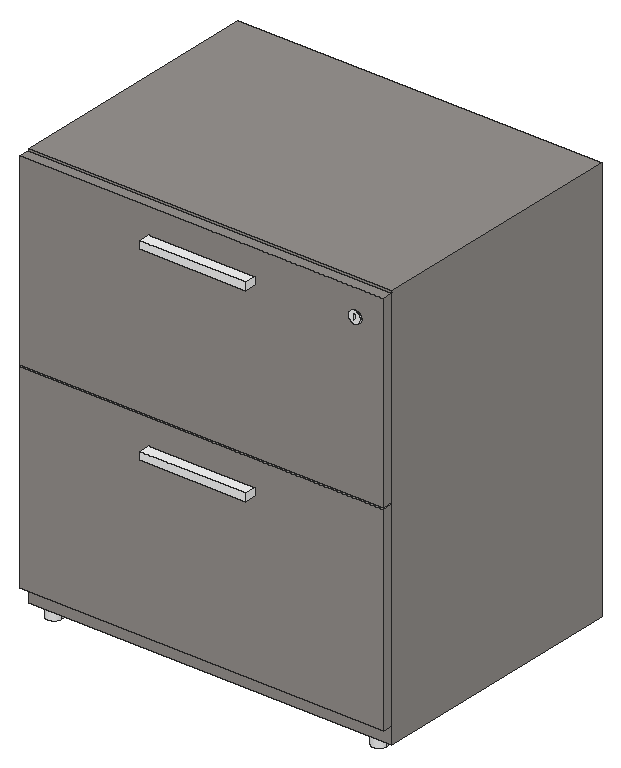
Revit family "Storage-Freestanding-Teknion-BSLF_Lateral_File-R2018", category Furniture, Revit 2018
Family settings
  OmniClass Number = 23.40.70.14.64.21
  OmniClass Title = Systems Furniture
  Work Plane-Based = No
  Always vertical = Yes
  Cut with Voids When Loaded = No
  Shared = Yes
  Room Calculation Point = No
Parameters (values of type "Two Drawers")
  Width [instance] = 24.000"
  Warranty = "http://www.teknion.com/legal/warranty.pdf"
  Unit Weight URL = "http://www.teknion.com/pricing/expansion-casegoods/pdfs/wv.pdf"
  URL = "http://www.teknion.com/"
  Two Drawers Hole Depth = if(or(Two Drawers, Three Drawers, Four Drawers), 2.701", 0.500")  # 2.701"
  Two Drawers = if(or(Three Drawers, Four Drawers), 1 > 2, 1 < 2)  # yes
  To render please download texture images found here [instance] = "https://assets.teknion.com/web/5e81352c1dfdb467/revit-material-swatches/"
  Three Drawers Hole Depth = if(or(Three Drawers, Four Drawers), 2.701", 0.500")  # 0.500"
  Three Drawers = no
  Sustainability Data = "http://www.teknion.com/about-teknion/environment/datasheets.asp"
  Second Drawer from Top = or(Three Drawers, Four Drawers)  # no
  Pull Finish [instance] = Mica - Teknion - V - Satin - Very White
  Product Page URL = "https://www.teknion.com/ca/products/product-details?productlineid=0053336e-8e7a-673b-a6c8-ff00004460c4"
  Product Line = "Expansion Casegoods"  # constant formula
  Product Documentation Link = "http://www.teknion.com/pricing/expansion-casegoods/pdfs/BSLFS_ppg.pdf"
  Part Number = "BSLFS"  # constant formula
  Model = "BSLFSP____28"
  Manufacturer Phone = "416-661-3370"
  Manufacturer Fax = "416.661.4586"
  Manufacturer Contact Information = "http://www.teknion.com/contact/contactus.asp"
  Manufacturer Address = "1150 Flint Road, Toronto, ON. M3J 2J5. Canada"
  Manufacturer = "Teknion"  # constant formula
  Lateral File Trim Finish [instance] = Source Laminate - Teknion - DE - Latte
  How to Add Texture Images to your Revit Project [instance] = "https://assets.teknion.com/m/205dd0a49fa58060/original/How-to-add-a-Material-Library-and-Texture-Images-to-your-Revit-project.pdf"
  Four Drawers = no
  Four Drawer Hole Depth = if(Four Drawers, 2.701", 0.500")  # 0.500"
  For Additional Finishes please visit [instance] = "https://assets.teknion.com/m/44a8009b046e5d47/original/Teknion_Materials_Library.zip"
  Drawer Front Finish [instance] = Source Laminate - Teknion - DE - Latte
  Description = "Lateral File, Pulls, Two Drawers, 28\" Height"
  Depth [instance] = 18.000"
  Case Finish [instance] = Source Laminate - Teknion - DE - Latte
  Available Widths [instance] = "24, 30, 36 inches."  # constant formula
  Available Depths [instance] = if(Two Drawers, "18, 24 inches.", "18 inches.")  # "18, 24 inches."
  Assembly Code = "E2020200"
  Actual Height [instance] = if(Two Drawers, 27.441", if(Three Drawers, 39.921", if(Four Drawers, 52.402", 27.441")))  # 27.441"
Types (3): name | Two Drawers | Three Drawers Hole Depth | Three Drawers | Second Drawer from Top | Model | Four Drawers | Four Drawer Hole Depth | Description | Available Depths | Actual Height
  Two Drawers | yes | 0.500" | no | no | "BSLFSP____28" | no | 0.500" | "Lateral File, Pulls, Two Drawers, 28\" Height" | "18, 24 inches." | 27.441"
  Three Drawers | no | 2.701" | yes | yes | "BSLFSP18__40" | no | 0.500" | "Lateral File, Pulls, Three Drawers, 18\" Depth, 40\" Height" | "18 inches." | 39.921"
  Four Drawers | no | 2.701" | no | yes | "BSLFSP18__53" | yes | 2.701" | "Lateral File, Pulls, Four Drawers, 18\" Depth, 53\" Height" | "18 inches." | 52.402"
Reference planes (in)
  plane 1 "Center F/B": y = 0
  plane 2 "Bottom": z = 0
  plane 3 "Center L/R": x = 0
  plane 4 "Left": x = -12
  plane 5 "Right": x = 12
  plane 6 "Back": y = 9
  plane 7 "Front": y = -9
  plane 8 "Top": z = 27.441
  plane 9: z = 0.60236
  plane 10 "Symbolic Representation Plane": z = 80
  plane 11: z = 14.90157
  plane 12: y = -8.299
  plane 13: y = -11
  plane 14: y = -9.05906
  plane 15: z = 27.38189
  plane 16: z = 39.87533
Forms (in)
  Sweep 1, solid, material "Source Laminate - Teknion - DE - Latte" <- "Case Finish"
    path origin (0, 0, 0) x (1, 0, 0) y (0, 0, 1)
      loop
        line (0, 27.441) -> (0, 0.60236)
    profile origin (0, 0, 14.02168) x (0, -1, 0) y (1, 0, 0)
      loop
        line (-9, -12) -> (8.299, -12) -> (8.299, 12) -> (-9, 12) -> (-9, -12)
  Sweep 2, solid, material "Source Laminate - Teknion - DE - Latte" <- "Drawer Front Finish"
    path origin (0, 0, 0) x (1, 0, 0) y (0, 1, 0)
      loop
        line (12, 0) -> (-12, 0)
    profile origin (0, 0, 0) x (0, -1, 0) y (0, 0, 1)
      loop
        line (9, 1.76378) -> (9, 27.32283) -> (8.299, 27.32283) -> (8.299, 1.76378) -> (9, 1.76378)
  Sweep 3, solid, material "Metal - Teknion - C6 - Chrome"
    path origin (0, 0, 0) x (1, 0, 0) y (0, 0, 1)
      loop
        line (0, 0) -> (0, 0.60236)
    profile origin (0, 0, 0.30118) x (-1, 0, 0) y (0, -1, 0)
      loop
        circle (-10.74, -7.74814) r 0.5
      loop
        circle (-10.74, 7.74808) r 0.5
      loop
        circle (10.74, -7.74814) r 0.5
      loop
        circle (10.74, 7.74808) r 0.5
  Sweep 4, solid, material "Mica - Teknion - V - Satin - Very White" <- "Pull Finish"
    path origin (0, 0, 0) x (1, 0, 0) y (0, 1, 0)
      loop
        line (0, -9) -> (0, -9.75)
    profile origin (0, -9.375, 0) x (1, 0, 0) y (0, 0, 1)
      loop
        line (-3.5, 13.156) -> (-3.5, 12.65551) -> (3.5, 12.65551) -> (3.5, 13.156) -> (-3.5, 13.156)
      loop
        line (-3.5, 25.634) -> (-3.5, 25.13583) -> (3.5, 25.13583) -> (3.5, 25.634) -> (-3.5, 25.634)
  Extrusion 5, void
    sketch origin (60, -9, 48) x (-1, 0, 0) y (0, 0, 1)
      loop
        line (72, -33.03937) -> (48, -33.03937) -> (48, -33.15748) -> (72, -33.15748) -> (72, -33.03937)
    from 0.701 to -2
  Extrusion 6, void
    sketch origin (60, -9, 60.48031) x (-1, 0, 0) y (0, 0, 1)
      loop
        line (72, -33.03937) -> (48, -33.03937) -> (48, -33.15748) -> (72, -33.15748) -> (72, -33.03937)
    from -1.5 to -2
  Sweep 7, solid, material "Mica - Teknion - V - Satin - Very White" <- "Pull Finish", visible <- "Second Drawer from Top"
    path origin (0, 0, 12.48) x (1, 0, 0) y (0, 1, 0)
      loop
        line (0, -9) -> (0, -9.75)
    profile origin (0, -9.375, 12.48) x (1, 0, 0) y (0, 0, 1)
      loop
        line (-3.5, 25.634) -> (-3.5, 25.13583) -> (3.5, 25.13583) -> (3.5, 25.634) -> (-3.5, 25.634)
  Extrusion 8, solid, material "Mica - Teknion - V - Satin - Very White" <- "Pull Finish"
    sketch origin (60, -9, 60.48) x (1, 0, 0) y (0, 0, 1)
      loop
        line (-49.89961, -34.70281) -> (-49.89961, -35.07683) -> (-49.80118, -35.07683) -> (-49.80118, -34.70281) -> (-49.89961, -34.70281)
      loop
        circle (-49.85039, -34.88982) r 0.39512
    from 0 to 0.05906
  Sweep 9, solid, material "Mica - Teknion - V - Satin - Very White" <- "Pull Finish", visible <- "Four Drawers"
    path origin (0, 0, 24.96) x (1, 0, 0) y (0, 1, 0)
      loop
        line (0, -9) -> (0, -9.75)
    profile origin (0, -9.375, 24.96) x (1, 0, 0) y (0, 0, 1)
      loop
        line (-3.5, 1.39199) -> (-3.5, 0.89382) -> (3.5, 0.89382) -> (3.5, 1.39199) -> (-3.5, 1.39199)
  Extrusion 10, void
    sketch origin (60, -9, 72.96063) x (-1, 0, 0) y (0, 0, 1)
      loop
        line (72, -33.02625) -> (48, -33.02625) -> (48, -33.14436) -> (72, -33.14436) -> (72, -33.02625)
    from -1.5 to -2
Cuts and joins
  Extrusion 6, Extrusion 10 cuts Sweep 1
  Extrusion 5, Extrusion 6, Extrusion 10 cuts Sweep 2
Lines and regions (in)
  Masking region 1
    outline origin (0, 0, 27.441) x (-1, 0, 0) y (0, -1, 0)
      loop
        line (12, -9) -> (12, 9) -> (-12, 9) -> (-12, -9) -> (12, -9)
  Masking region 2
    outline origin (0, 0, 27.441) x (-1, 0, 0) y (0, -1, 0)
      loop
        line (3.5, 9.75) -> (-3.5, 9.75) -> (-3.5, 9) -> (3.5, 9) -> (3.5, 9.75)
  Masking region 3
    outline origin (0, 0, 0) x (1, 0, 0) y (0, 1, 0)
      loop
        line (10.54473, -9) -> (9.75448, -9) -> (9.75448, -9.05906) -> (10.54473, -9.05906) -> (10.54473, -9)
  symbolic lines
    curve 1: line (12, -8.299, 27.441) -> (-12, -8.299, 27.441)
  symbolic lines, style "Hidden Lines", detail levels fine
    curve 2: arc (-10.24, -7.74808, 0) -> (-10.74, -7.24808, 0) -> (-11.24, -7.74808, 0) r 0.5
    curve 3: arc (-11.24, -7.74808, 0) -> (-10.74, -8.24808, 0) -> (-10.24, -7.74808, 0) r 0.5
    curve 4: arc (-10.24, 7.74814, 0) -> (-10.74, 8.24814, 0) -> (-11.24, 7.74814, 0) r 0.5
    curve 5: arc (-11.24, 7.74814, 0) -> (-10.74, 7.24814, 0) -> (-10.24, 7.74814, 0) r 0.5
    curve 6: arc (11.24, 7.74814, 0) -> (10.74, 8.24814, 0) -> (10.24, 7.74814, 0) r 0.5
    curve 7: arc (10.24, 7.74814, 0) -> (10.74, 7.24814, 0) -> (11.24, 7.74814, 0) r 0.5
    curve 8: arc (11.24, -7.74808, 0) -> (10.74, -7.24808, 0) -> (10.24, -7.74808, 0) r 0.5
    curve 9: arc (10.24, -7.74808, 0) -> (10.74, -8.24808, 0) -> (11.24, -7.74808, 0) r 0.5
  reference lines, not visible
    curve 10: line (-12, 9, 0) -> (12, 9, 0)
    curve 11: line (-12, 9, 0) -> (-12, -9, 0)
    curve 12: line (12, -9, 0) -> (-12, -9, 0)
    curve 13: line (12, 9, 0) -> (12, -9, 0)
Dimensions and locks (in)
  "Actual Height": plane 8 "Top" to level
  equal spacing: plane 4 "Left", plane 3 "Center L/R", plane 5 "Right"
  "Width": plane 4 "Left" to plane 5 "Right"
  equal spacing: plane 6 "Back", plane 1 "Center F/B", plane 7 "Front"
  "Depth": plane 6 "Back" to plane 7 "Front"
  locked: plane 9 to level at 0.60236
  locked: Sweep 1 sketch curve to plane 7 "Front" at 0.701
  locked: Sweep 2 sketch curve to level at 1.76378
  locked: Sweep 2 sketch curve to plane 8 "Top" at 0.11817
  locked: plane 6 "Back" to Sweep 3 sketch curve at 1.25186  (x2)
  locked: Sweep 3 sketch curve to plane 5 "Right" at 1.26  (x2)
  locked: plane 4 "Left" to Sweep 3 sketch curve at 1.26  (x2)
  locked: plane 7 "Front" to Sweep 3 sketch curve at 1.25192  (x2)
  Sweep 4 sketch curve to plane 7 "Front" = 0.750"
  locked: Sweep 4 sketch curve to Sweep 4 sketch curve at 7
  equal spacing: Sweep 4 sketch curve, plane 3 "Center L/R", Sweep 4 sketch curve
  locked: Sweep 4 sketch curve to level at 12.65551
  locked: Sweep 4 sketch curve to level at 13.156
  locked: Sweep 4 sketch curve to level at 25.13583
  locked: Sweep 4 sketch curve to level at 25.634
  locked: plane 10 "Symbolic Representation Plane" to level at 80
  plane 11 to plane 2 "Bottom" = 14.90157"
  Extrusion 5 sketch curve to plane 11 to Extrusion 5 sketch curve = 0.05906" locked, 0.05906" locked
  locked: plane 12 to plane 7 "Front" at 0.701
  "Two Drawers Hole Depth": Extrusion 5 to plane 13
  locked: plane 7 "Front" to plane 13 at 2
  locked: plane 14 to plane 7 "Front" at 0.05906
  Extrusion 6 sketch curve to plane 15 to Extrusion 6 sketch curve = 0.05906" locked, 0.05906" locked
  locked: plane 15 to level at 27.38189
  "Three Drawers Hole Depth": Extrusion 6 to plane 13
  Sweep 7 sketch curve to Sweep 7 sketch curve to plane 2 "Bottom" = 0.49817" locked, 37.61583" locked
  Sweep 7 sketch curve to plane 3 "Center L/R" to Sweep 7 sketch curve = 3.500" locked, 3.500" locked
  plane 5 "Right" to Extrusion 8 sketch curve to Extrusion 8 sketch curve to Extrusion 8 sketch curve = 1.80118" locked, 0.04921" locked, 0.04921" locked
  Extrusion 8 sketch curve to Extrusion 8 sketch curve to Extrusion 8 sketch curve to plane 8 "Top" = 0.18701" locked, 0.18701" locked, 1.66381" locked
  Sweep 9 sketch curve to plane 3 "Center L/R" to Sweep 9 sketch curve = 3.500" locked, 3.500" locked
  plane 8 "Top" to Sweep 9 sketch curve to Sweep 9 sketch curve = 1.08901" locked, 0.49817" locked
  Extrusion 10 sketch curve to plane 16 to Extrusion 10 sketch curve = 0.05906" locked, 0.05906" locked
  locked: plane 16 to plane 2 "Bottom" at 39.87533
  "Four Drawer Hole Depth": Extrusion 10 to plane 13
  Masking region 3 sketch curve to Masking region 3 sketch curve to plane 5 "Right" = 0.79025" locked, 1.45527" locked
  aligned and locked: level to plane 2 "Bottom"
  aligned and locked: plane 8 "Top" to Sweep 1 sketch curve
  aligned and locked: plane 9 to Sweep 1 sketch curve
  aligned and locked: Sweep 1 sketch curve to plane 3 "Center L/R"
  aligned and locked: plane 6 "Back" to Sweep 1 sketch curve
  aligned and locked: Sweep 1 sketch curve to plane 4 "Left"
  aligned and locked: plane 5 "Right" to Sweep 1 sketch curve
  aligned and locked: Sweep 2 sketch curve to plane 1 "Center F/B"
  aligned and locked: Sweep 2 sketch curve to plane 7 "Front"
  aligned and locked: level to Sweep 3 sketch curve
  aligned and locked: Sweep 3 sketch curve to Sweep 1
  aligned and locked: plane 3 "Center L/R" to Sweep 3 sketch curve
  aligned and locked: Sweep 4 sketch curve to plane 3 "Center L/R"
  aligned and locked: Sweep 4 sketch curve to Sweep 4 sketch curve  (x2)
  aligned and locked: Masking region 1 sketch curve to Sweep 1  (x2)
  aligned and locked: Masking region 1 sketch curve to Sweep 2
  aligned and locked: curve 1 to Sweep 2
  aligned and locked: plane 5 "Right" to curve 1
  aligned and locked: plane 4 "Left" to curve 1
  aligned and locked: plane 4 "Left" to Extrusion 5 sketch curve
  aligned and locked: Extrusion 5 sketch curve to plane 5 "Right"
  aligned and locked: plane 13 to Extrusion 5
  aligned and locked: plane 4 "Left" to Sweep 2 sketch curve
  aligned and locked: plane 5 "Right" to Sweep 2 sketch curve
  aligned and locked: plane 5 "Right" to Extrusion 6 sketch curve
  aligned and locked: Extrusion 6 to plane 13
  aligned and locked: Extrusion 10 sketch curve to plane 5 "Right"
  aligned and locked: plane 4 "Left" to Extrusion 10 sketch curve
  aligned and locked: plane 4 "Left" to Extrusion 6 sketch curve
  aligned and locked: Extrusion 10 to plane 13
  aligned and locked: curve 2 to Sweep 3
  aligned and locked: curve 3 to Sweep 3
  aligned and locked: curve 4 to Sweep 3
  aligned and locked: curve 5 to Sweep 3
  aligned and locked: curve 6 to Sweep 3
  aligned and locked: curve 7 to Sweep 3
  aligned and locked: curve 8 to Sweep 3
  aligned and locked: curve 9 to Sweep 3
  aligned and locked: plane 14 to Extrusion 8
  aligned and locked: Extrusion 8 to plane 7 "Front"
  aligned and locked: curve 10 to plane 6 "Back"
  aligned and locked: curve 11 to plane 4 "Left"
  aligned and locked: curve 12 to plane 7 "Front"
  aligned and locked: curve 13 to plane 5 "Right"
  aligned and locked: Masking region 3 sketch curve to Extrusion 8  (x2)
Automatic sketch dimensions
  Sweep 2 sketch curve to Sweep 2 sketch curve = 0.701"
  plane 7 "Front" to Sweep 4 sketch curve = 0.000"
  plane 7 "Front" to Masking region 1 sketch curve = 0.000"
  plane 7 "Front" to Masking region 2 sketch curve = 0.000"
  plane 14 to Masking region 2 sketch curve = 0.69094"
  plane 3 "Center L/R" to Masking region 2 sketch curve = 3.500"
  Masking region 2 sketch curve to plane 3 "Center L/R" = 3.500"
  Sweep 7 sketch curve to plane 3 "Center L/R" = 0.000"
  plane 7 "Front" to Sweep 7 sketch curve = 0.000"
  plane 14 to Sweep 7 sketch curve = 0.69094"
  Sweep 9 sketch curve to plane 3 "Center L/R" = 0.000"
  plane 7 "Front" to Sweep 9 sketch curve = 0.000"
  plane 14 to Sweep 9 sketch curve = 0.69094"
  radius of Sweep 3 sketch curve = 0.500"  (x4)
  radius of Extrusion 8 sketch curve = 0.39512"
